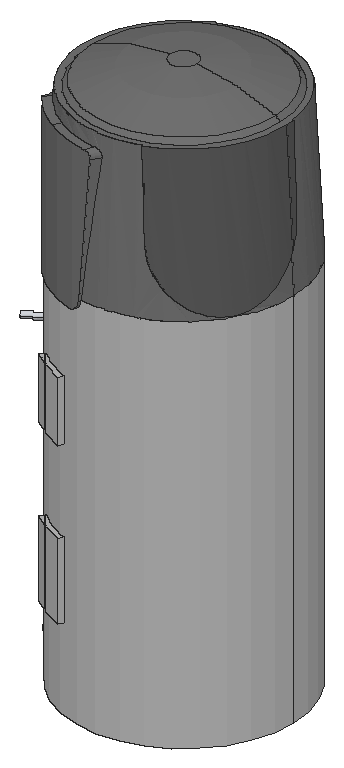
Revit family "Rheem - Aquaheat 270L", category Mechanical Equipment, Revit 2021
Family settings
  Round Connector Dimension = Use Diameter
  Classification = None
  Part Type = Normal
  Work Plane-Based = No
  Always vertical = Yes
  Cut with Voids When Loaded = No
  Shared = No
  Room Calculation Point = No
Parameters
  URL = "https://rheem.co.nz/products/home/heat-pump-water-heating/ambiheat-heat-pump/a55127005"
  Recommended Wall Clearance 1 = 900 mm  # constant formula
  Model = "Ambiheat HDc-270"
  Minimum Clearance Wall Back = 25 mm  # constant formula
  Minimum Clearance Wall 2 = 1000 mm  # constant formula
  Minimum Clearance Wall 1 = 350 mm  # constant formula
  Manufacturer = "Rheem"
  Height = 1825 mm  # constant formula
  Diameter = 720 mm  # constant formula
  Description = "Rheem Aquaheat HDc-270 Heat Pumo"
  Default Elevation = 0 mm
  Capacity = 270.0 L
  Cable Entry Height = 274 mm  # constant formula
Reference planes
  plane 1 "Center (Front/Back)": y = 0
  plane 2: z = 0
  plane 3 "Center (Left/Right)": x = 0
  plane 4: z = 1825
  plane 5: x = -360
  plane 6: x = 360
  plane 7: y = 360
  plane 8: y = -360
  plane 9: y = 385
  plane 10: x = -1260
  plane 11: x = -710
  plane 12: x = 1360
  plane 13 "Panel Revolve WP": through (0, 0, 1200) normal (0.866, -0.5, 0)
  plane 14 "Contral Panel Face": through (-182.5, -316.099, 1200) normal (0.5, 0.866, 0)
  plane 15: through (0, 0, 1200) normal (0.4848, -0.8746, 0)
  plane 16 "Connections": through (-333.101, -151.943, 1200) normal (0.8746, 0.4848, 0)
Forms (mm)
  Extrusion 1, solid
    sketch origin (0, 0, 0) x (1, 0, 0) y (0, 1, 0)
      loop
        circle (0, 0) r 360
    from 0 to 1825
  Revolve 2, void
    sketch origin (0, 0, 0) x (1, 0, 0) y (0, 0, 1)
      loop
        line (-360, 1255) -> (-334.094, 1749.322) -> (-314.094, 1749.322) -> (-299.952, 1763.464)
        arc (-299.952, 1763.464) -> (-153.618, 1811.983) -> (0, 1825) r 655.799
        line (0, 1825) -> (-360, 1825) -> (-360, 1255)
      axis (0, 1825) -> (0, 1255)
    angle from 0 to 360
  Revolve 3, solid
    sketch origin (0, 0, 0) x (0.5, 0.866025, 0) y (0, 0, 1)
      loop
        line (-365, 1719.513) -> (-365, 1214.513) -> (-321.768, 1214.513) -> (-321.768, 1719.513) -> (-365, 1719.513)
      axis (0, 1214.513) -> (0, 1719.513)
    angle from -30 to 30
  Extrusion 4, void
    sketch origin (-182.5, -316.099, 0) x (-0.866025, 0.5, 0) y (0, 0, 1)
      loop
        line (0, 1705) -> (-148.174, 1705)
        arc (-148.174, 1705) -> (-162.919, 1698.512) -> (-168.098, 1683.257) r 20
        line (-168.098, 1683.257) -> (-130.283, 1251.027)
        arc (-130.283, 1251.027) -> (-117.458, 1225.022) -> (-90.435, 1214.513) r 40
        line (-90.435, 1214.513) -> (0, 1214.513) -> (90.435, 1214.513)
        arc (90.435, 1214.513) -> (117.458, 1225.022) -> (130.283, 1251.027) r 40
        line (130.283, 1251.027) -> (168.098, 1683.257)
        arc (168.098, 1683.257) -> (162.919, 1698.512) -> (148.174, 1705) r 20
        line (148.174, 1705) -> (0, 1705)
      loop
        line (489.869, 1807.494) -> (-415.131, 1807.494) -> (-415.131, 1152.494) -> (489.869, 1152.494) -> (489.869, 1807.494)
    from 0 to 250
  Revolve 5, solid
    sketch origin (0, 0, 0) x (0.5, 0.866025, 0) y (0, 0, 1)
      loop
        line (-378.367, 524) -> (-378.367, 274) -> (-318.367, 274) -> (-318.367, 524) -> (-378.367, 524)
      loop
        line (-378.367, 999) -> (-378.367, 799) -> (-298.367, 799) -> (-298.367, 999) -> (-378.367, 999)
      axis (0, 274) -> (0, 999)
    angle from -10 to 10
  Extrusion 6, solid
    sketch origin (0, 0, 0) x (0.5, 0.866025, 0) y (0, 0, 1)
      loop
        arc (-216.579, 1465.622) -> (-11.579, 1260.622) -> (193.421, 1465.622) r 205
        line (193.421, 1465.622) -> (193.421, 1749.322) -> (-216.579, 1749.322) -> (-216.579, 1465.622)
    from -389.55 to 385.836
  Revolve 7, void
    sketch origin (0, 0, 0) x (1, 0, 0) y (0, 0, 1)
      loop
        line (-336.926, 1752.514) -> (-490, 1752.514) -> (-490, 1255) -> (-363, 1255) -> (-336.926, 1752.514)
      axis (0, 1752.514) -> (0, 1255)
    angle from 0 to 360
  Extrusion 8, solid
    sketch origin (-319.236, -176.956, 0) x (-0.48481, 0.87462, 0) y (0, 0, 1)
      loop
        circle (0, 122) r 9.525
    from 0 to 250
  Extrusion 9, solid
    sketch origin (-319.236, -176.956, 0) x (-0.48481, 0.87462, 0) y (0, 0, 1)
      loop
        circle (0, 1035) r 9.525
    from -58.987 to 250
Cuts and joins
  Revolve 2 cuts Extrusion 1
  Extrusion 4 cuts Revolve 3
  Revolve 7 cuts Extrusion 6
  joined: Extrusion 1, Revolve 3, Revolve 5, Extrusion 6, Extrusion 8, Extrusion 9
Lines and regions (mm)
  symbolic lines, style "Clearance"
    curve 1: line (-1260, -515, 0) -> (-1260, 385, 0)
    curve 2: line (-1260, 385, 0) -> (1360, 385, 0)
    curve 3: line (1360, 385, 0) -> (1360, -515, 0)
    curve 4: line (-710, 385, 0) -> (-710, -515, 0)
    curve 5: line (-1260, -515, 0) -> (1360, -515, 0)
Dimensions and locks
  equal spacing: plane 8, plane 1 "Center (Front/Back)", plane 7
  equal spacing: plane 5, plane 3 "Center (Left/Right)", plane 6
  "Diameter": plane 7 to plane 8
  "Diameter": plane 5 to plane 6
  "Minimum Clearance Wall Back": plane 9 to plane 7
  "Recommended Wall Clearance 1": plane 10 to plane 5
  "Minimum Clearance Wall 1": plane 11 to plane 5
  "Minimum Clearance Wall 2": plane 6 to plane 12
  "Height": plane 4 to plane 2
  plane 13 "Panel Revolve WP" to plane 14 "Contral Panel Face" = 365 mm
  "Cable Entry Height": Revolve 5 sketch curve to level
  locked: curve 5 to curve 2 at 900
  plane 3 "Center (Left/Right)" to plane 16 "Connections" = 365 mm
  Extrusion 8 sketch curve to level = 122 mm
  Extrusion 9 sketch curve to level = 1035 mm
  "Diameter": diameter of Extrusion 1 sketch curve
  diameter of Extrusion 8 sketch curve = 19.05 mm
  diameter of Extrusion 9 sketch curve = 19.05 mm
  angle plane 1 "Center (Front/Back)" to plane 13 "Panel Revolve WP" = 60.00°
  angle plane 1 "Center (Front/Back)" to plane 15 = 29.00°
  aligned and locked: level to plane 2
Automatic sketch dimensions
  Revolve 2 sketch curve to plane 4 = 0 mm
  Revolve 2 sketch curve to plane 5 = 0 mm
  Revolve 2 sketch curve to plane 3 "Center (Left/Right)" = 0 mm
  plane 5 to Revolve 2 sketch curve = 25.906 mm
  Revolve 2 sketch curve to Revolve 2 sketch curve = 20 mm
  Revolve 2 sketch curve to Revolve 2 sketch curve = 14.142 mm  (x2)
  Revolve 2 sketch curve to plane 3 "Center (Left/Right)" = 21.823 mm
  Revolve 2 sketch curve to Revolve 2 sketch curve = 61.536 mm
  Revolve 2 sketch curve to Revolve 2 sketch curve = 85.436 mm
  Revolve 3 sketch curve to plane 14 "Contral Panel Face" = 0 mm
  Revolve 3 sketch curve to level = 0 mm
  plane 14 "Contral Panel Face" to Revolve 3 sketch curve = 43.232 mm
  Revolve 3 sketch curve to plane 4 = 610.487 mm
  Revolve 3 sketch curve to plane 4 = 105.487 mm
  plane 4 to Revolve 3 sketch curve = 15 mm
  Revolve 3 sketch curve to Revolve 3 sketch curve = 321.768 mm
  Extrusion 4 sketch curve to plane 13 "Panel Revolve WP" = 0 mm  (x2)
  plane 13 "Panel Revolve WP" to Extrusion 4 sketch curve = 90.435 mm
  Extrusion 4 sketch curve to Extrusion 4 sketch curve = 39.848 mm  (x2)
  plane 13 "Panel Revolve WP" to Extrusion 4 sketch curve = 148.174 mm
  Extrusion 4 sketch curve to Extrusion 4 sketch curve = 19.924 mm  (x2)
  Extrusion 4 sketch curve to Extrusion 4 sketch curve = 284.849 mm
  Extrusion 4 sketch curve to plane 13 "Panel Revolve WP" = 90.435 mm
  Extrusion 4 sketch curve to Extrusion 4 sketch curve = 148.174 mm
  Extrusion 4 sketch curve to Extrusion 4 sketch curve = 359.586 mm
  Extrusion 4 sketch curve to plane 4 = 672.506 mm
  Extrusion 4 sketch curve to Extrusion 4 sketch curve = 62.019 mm
  Extrusion 4 sketch curve to Extrusion 4 sketch curve = 36.514 mm  (x2)
  Extrusion 4 sketch curve to plane 4 = 141.743 mm  (x2)
  Extrusion 4 sketch curve to Extrusion 4 sketch curve = 1.743 mm
  Extrusion 4 sketch curve to plane 4 = 17.506 mm
  plane 14 "Contral Panel Face" to Extrusion 6 sketch curve = 148.421 mm
  Extrusion 6 sketch curve to Extrusion 6 sketch curve = 205 mm
  Extrusion 6 sketch curve to plane 4 = 359.378 mm
  Extrusion 6 sketch curve to plane 4 = 75.678 mm
  Revolve 7 sketch curve to plane 3 "Center (Left/Right)" = 0 mm
  plane 5 to Revolve 7 sketch curve = 23.074 mm
  Revolve 7 sketch curve to plane 5 = 3 mm
  Revolve 7 sketch curve to plane 5 = 130 mm
  Revolve 7 sketch curve to plane 4 = 570 mm
  Revolve 7 sketch curve to plane 4 = 72.486 mm
  Revolve 7 sketch curve to level = 366.045 mm
  plane 4 to Revolve 7 sketch curve = 389.315 mm
  curve 1 to plane 10 = 0 mm
  curve 4 to plane 9 = 0 mm
  curve 4 to plane 11 = 0 mm
  curve 3 to plane 12 = 0 mm
  Extrusion 8 sketch curve to plane 15 = 0 mm
  Extrusion 9 sketch curve to plane 15 = 0 mm
  plane 1 "Center (Front/Back)" to Extrusion 1 sketch curve = 0 mm
  Extrusion 1 sketch curve to plane 3 "Center (Left/Right)" = 0 mm
  Revolve 5 sketch curve to level = 0 mm
  Revolve 5 sketch curve to plane 14 "Contral Panel Face" = 13.367 mm  (x2)
  plane 14 "Contral Panel Face" to Revolve 5 sketch curve = 46.633 mm
  plane 14 "Contral Panel Face" to Revolve 5 sketch curve = 66.633 mm
  Revolve 5 sketch curve to Revolve 5 sketch curve = 250 mm
  Revolve 5 sketch curve to Revolve 5 sketch curve = 275 mm
  Revolve 5 sketch curve to Revolve 5 sketch curve = 200 mm
  plane 4 to Revolve 5 sketch curve = 55 mm
  plane 14 "Contral Panel Face" to Revolve 5 sketch curve = 365 mm
Connectors
  piping at (-370.827, -205.553, 1035), diameter 19.1
    settings: on cut or joined group 1 (Extrusion 1, Revolve 2, Revolve 3, Extrusion 4, Revolve 5, Extrusion 6, Revolve 7, Extrusion 8, Extrusion 9), index 1, connector inside diameter 609.6 mm, connector length 0 mm, flow factor 0, pipe flow 0.0 L/s, pressure drop 0.0 Pa, fitting loss kfactor 0, connector angle 0.00°, fixture units 0, engagement length 0 mm, angle of deflection 0.00°, flow configuration 0, flow direction 0, fitting loss method 0, system type 19, joint type 0, gender type 0, connector reference index -1, connector utility 0, adjustable connector no, is connector primary yes, connector description "Hot Water"
  piping at (-319.236, -176.956, 122), diameter 19.1
    settings: on cut or joined group 1, index 2, connector inside diameter 609.6 mm, connector length 0 mm, flow factor 0, pipe flow 0.0 L/s, pressure drop 0.0 Pa, fitting loss kfactor 0, connector angle 0.00°, fixture units 0, engagement length 0 mm, angle of deflection 0.00°, flow configuration 0, flow direction 0, fitting loss method 0, system type 20, joint type 0, gender type 0, connector reference index -1, connector utility 0, adjustable connector no, is connector primary no, connector description "Cold Supply"
  electrical at (-181.787, -314.865, 274)
    settings: on cut or joined group 1, index 3, voltage 240 V, apparent load 0 VA, apparent load phase1 0 VA, apparent load phase2 0 VA, apparent load phase3 0 VA, power factor 1, load classification "Other", number of poles 1, system type 31, power factor state 1, is connector primary yes, connector utility no, sub classification motor no, connector description ""
